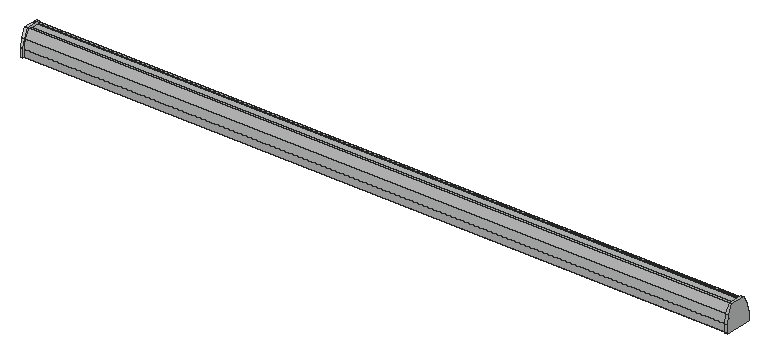
Revit family "LIRA", category Осветительные приборы, Revit 2019 (continued)
Types (6, lengths in mm): name | built-in parameter 1150134 | built-in parameter 1150105 | Lumens | built-in parameter 1150106 | built-in parameter 1150142 | Wattage | built-in parameter 1150107 | Emit from Rectangle Length | Длина | ADSK_Ток | ADSK_Полная мощность | ADSK_Обозначение | ADSK_Номинальная мощность | ADSK_Наименование | ADSK_Масса | ADSK_Код изделия
  LIRA-76/OPAL-2400/IP65  (4000К, серый) | 12 | 620.7 (stored number, unit not read) | 7800 lm | 6.207 (stored number, unit not read) | "IESNA:LM-63-95\r\n[TEST] Протокол № 50\r\n[DATA] 17.06.2016\r\n[MORE] \r\n[MANUFAC] ЗАО \"Центрстройсвет\"\r\n[LUMCAT]  Светильник OPERLUX-34/PRISMA-(588x588) \r\n[LUMINAIRE]\r\n[LAMPCAT] Светодиоды\r\n[LAMP] Поток источника света (светодиодов) не известен\r\n[MORE] КСС приведена в абсолютных величинах кд\r\n[MORE] Вместо потока лампы, указан поток светильника.\r\nTILT=NONE\r\n1    3050 1.0 37 73 1 2 0.588 0.588 0.08\r\n1.0 1.0 34\r\n0.0 5.0 10.0 15.0 20.0 25.0 30.0 35.0 40.0 45.0 50.0 55.0 60.0 65.0 70.0 75.0 80.0 85.0 90.0 95.0 100.0 105.0 110.0 115.0 120.0 125.0 130.0 135.0 140.0 145.0 150.0 155.0 160.0 165.0 170.0 175.0 180.0\r\n0.0 5.0 10.0 15.0 20.0 25.0 30.0 35.0 40.0 45.0 50.0 55.0 60.0 65.0 70.0 75.0 80.0 85.0 90.0 95.0 100.0 105.0 110.0 115.0 120.0 125.0 130.0 135.0 140.0 145.0 150.0 155.0 160.0 165.0 170.0 175.0 180.0 185.0 190.0 195.0 200.0 205.0 210.0 215.0 220.0 225.0 230.0 235.0 240.0 245.0 250.0 255.0 260.0 265.0 270.0 275.0 280.0 285.0 290.0 295.0 300.0 305.0 310.0 315.0 320.0 325.0 330.0 335.0 340.0 345.0 350.0 355.0 360.0\r\n1367.8 1364.1 1339.9 1310.7 1251.0 1171.4 1077.9 956.5 826.9 709.2 591.4 468.7 352.2 267.2 190.7 130.0 88.6 43.5 5.5 0.0 0.0 0.0 0.0 0.0 0.0 0.0 0.0 0.0 0.0 0.0 0.0 0.0 0.0 0.0 0.0 0.0 0.0\r\n1367.8 1365.7 1344.6 1309.2 1251.5 1175.2 1073.4 954.2 830.4 711.2 594.6 469.5 356.0 268.7 191.9 132.6 89.9 43.9 6.3 0.0 0.0 0.0 0.0 0.0 0.0 0.0 0.0 0.0 0.0 0.0 0.0 0.0 0.0 0.0 0.0 0.0 0.0\r\n1367.8 1367.4 1347.2 1302.8 1251.5 1178.6 1078.4 958.6 835.1 714.0 597.2 474.3 359.6 268.7 192.7 135.6 92.1 44.3 6.9 0.0 0.0 0.0 0.0 0.0 0.0 0.0 0.0 0.0 0.0 0.0 0.0 0.0 0.0 0.0 0.0 0.0 0.0\r\n1367.8 1368.2 1346.2 1303.1 1250.1 1177.1 1081.4 960.9 838.1 716.2 597.6 475.0 358.6 266.4 190.9 134.8 91.7 44.9 7.0 0.0 0.0 0.0 0.0 0.0 0.0 0.0 0.0 0.0 0.0 0.0 0.0 0.0 0.0 0.0 0.0 0.0 0.0\r\n1367.8 1367.7 1343.5 1306.2 1256.1 1180.0 1081.0 961.6 838.1 714.0 595.7 473.1 356.8 262.2 188.3 132.8 89.3 43.7 6.6 0.0 0.0 0.0 0.0 0.0 0.0 0.0 0.0 0.0 0.0 0.0 0.0 0.0 0.0 0.0 0.0 0.0 0.0\r\n1367.8 1366.2 1344.8 1309.0 1256.2 1184.6 1080.4 962.6 836.8 714.8 593.8 469.6 354.4 260.1 184.9 130.4 88.4 44.2 6.5 0.0 0.0 0.0 0.0 0.0 0.0 0.0 0.0 0.0 0.0 0.0 0.0 0.0 0.0 0.0 0.0 0.0 0.0\r\n1367.8 1364.3 1347.6 1312.1 1259.9 1177.4 1078.5 968.2 849.1 721.6 596.0 467.2 355.0 257.4 183.3 127.1 87.5 45.4 6.5 0.0 0.0 0.0 0.0 0.0 0.0 0.0 0.0 0.0 0.0 0.0 0.0 0.0 0.0 0.0 0.0 0.0 0.0\r\n1367.8 1363.3 1348.8 1312.0 1262.8 1181.2 1077.4 968.8 853.2 730.0 597.2 466.8 353.5 256.9 181.1 124.8 87.2 45.9 6.9 0.0 0.0 0.0 0.0 0.0 0.0 0.0 0.0 0.0 0.0 0.0 0.0 0.0 0.0 0.0 0.0 0.0 0.0\r\n1367.8 1364.0 1350.3 1308.2 1255.9 1182.2 1079.9 969.0 856.0 734.3 601.1 468.4 352.6 254.4 178.0 121.7 85.5 45.0 6.9 0.0 0.0 0.0 0.0 0.0 0.0 0.0 0.0 0.0 0.0 0.0 0.0 0.0 0.0 0.0 0.0 0.0 0.0\r\n1367.8 1364.9 1349.2 1313.0 1259.2 1178.2 1076.4 970.7 860.9 740.8 606.9 469.1 350.2 254.0 175.6 117.8 83.6 43.4 6.7 0.0 0.0 0.0 0.0 0.0 0.0 0.0 0.0 0.0 0.0 0.0 0.0 0.0 0.0 0.0 0.0 0.0 0.0\r\n1367.8 1365.0 1348.6 1315.3 1261.5 1184.1 1082.6 973.9 862.8 745.2 607.9 469.0 350.5 253.1 173.2 116.2 81.4 42.4 6.5 0.0 0.0 0.0 0.0 0.0 0.0 0.0 0.0 0.0 0.0 0.0 0.0 0.0 0.0 0.0 0.0 0.0 0.0\r\n1367.8 1364.4 1347.9 1315.3 1258.7 1186.3 1085.9 970.5 862.2 747.0 613.0 468.8 350.2 252.8 173.4 116.6 79.8 40.9 6.7 0.0 0.0 0.0 0.0 0.0 0.0 0.0 0.0 0.0 0.0 0.0 0.0 0.0 0.0 0.0 0.0 0.0 0.0\r\n1367.8 1363.4 1347.0 1308.3 1258.6 1184.3 1089.8 973.9 867.7 742.3 606.2 467.0 350.0 252.6 175.4 119.1 79.8 42.1 7.1 0.0 0.0 0.0 0.0 0.0 0.0 0.0 0.0 0.0 0.0 0.0 0.0 0.0 0.0 0.0 0.0 0.0 0.0\r\n1367.8 1362.6 1348.4 1308.2 1261.4 1190.2 1088.3 978.6 869.6 744.0 601.1 462.4 350.2 253.6 175.9 123.0 83.5 45.3 7.8 0.0 0.0 0.0 0.0 0.0 0.0 0.0 0.0 0.0 0.0 0.0 0.0 0.0 0.0 0.0 0.0 0.0 0.0\r\n1367.8 1362.3 1347.3 1311.1 1262.3 1191.1 1093.6 982.5 872.1 746.6 597.2 461.1 348.8 251.4 176.3 127.6 89.2 48.5 7.9 0.0 0.0 0.0 0.0 0.0 0.0 0.0 0.0 0.0 0.0 0.0 0.0 0.0 0.0 0.0 0.0 0.0 0.0\r\n1367.8 1362.5 1345.8 1316.1 1260.6 1190.3 1096.8 982.6 873.3 743.8 593.1 456.4 347.2 250.6 175.7 130.9 94.2 51.8 9.3 0.0 0.0 0.0 0.0 0.0 0.0 0.0 0.0 0.0 0.0 0.0 0.0 0.0 0.0 0.0 0.0 0.0 0.0\r\n1367.8 1363.2 1345.2 1315.5 1267.1 1195.5 1096.1 995.9 871.3 740.3 589.0 455.0 342.8 246.9 174.2 131.9 97.1 52.4 10.1 0.0 0.0 0.0 0.0 0.0 0.0 0.0 0.0 0.0 0.0 0.0 0.0 0.0 0.0 0.0 0.0 0.0 0.0\r\n1367.8 1364.5 1346.0 1317.2 1264.0 1194.7 1102.6 991.8 873.9 736.2 584.7 454.3 338.6 243.0 171.3 130.1 99.3 53.7 9.5 0.0 0.0 0.0 0.0 0.0 0.0 0.0 0.0 0.0 0.0 0.0 0.0 0.0 0.0 0.0 0.0 0.0 0.0\r\n1367.8 1365.9 1346.4 1317.1 1264.0 1198.2 1105.3 994.6 872.6 727.7 582.0 451.8 335.8 239.9 168.3 127.6 100.0 55.8 7.5 0.0 0.0 0.0 0.0 0.0 0.0 0.0 0.0 0.0 0.0 0.0 0.0 0.0 0.0 0.0 0.0 0.0 0.0\r\n1367.8 1366.3 1344.9 1317.5 1265.6 1200.4 1108.2 997.2 868.8 722.7 575.8 446.5 333.1 238.4 167.7 126.3 98.1 56.1 8.8 0.0 0.0 0.0 0.0 0.0 0.0 0.0 0.0 0.0 0.0 0.0 0.0 0.0 0.0 0.0 0.0 0.0 0.0\r\n1367.8 1365.9 1344.0 1313.0 1263.2 1200.6 1104.3 997.0 862.7 720.9 568.5 441.0 331.7 237.8 167.7 126.3 96.7 53.7 9.4 0.0 0.0 0.0 0.0 0.0 0.0 0.0 0.0 0.0 0.0 0.0 0.0 0.0 0.0 0.0 0.0 0.0 0.0\r\n1367.8 1365.3 1346.1 1312.6 1263.0 1198.3 1108.1 995.3 861.6 712.7 563.4 437.4 331.4 236.8 165.9 124.7 95.3 55.2 9.1 0.0 0.0 0.0 0.0 0.0 0.0 0.0 0.0 0.0 0.0 0.0 0.0 0.0 0.0 0.0 0.0 0.0 0.0\r\n1367.8 1364.9 1349.2 1313.0 1262.9 1199.0 1108.3 993.8 855.7 710.3 563.1 435.2 329.9 233.9 163.4 121.6 92.0 55.1 8.8 0.0 0.0 0.0 0.0 0.0 0.0 0.0 0.0 0.0 0.0 0.0 0.0 0.0 0.0 0.0 0.0 0.0 0.0\r\n1367.8 1364.1 1352.0 1313.2 1259.2 1197.0 1104.6 988.6 849.9 704.2 562.4 433.5 327.9 230.5 158.4 116.9 87.6 51.4 7.8 0.0 0.0 0.0 0.0 0.0 0.0 0.0 0.0 0.0 0.0 0.0 0.0 0.0 0.0 0.0 0.0 0.0 0.0\r\n1367.8 1363.0 1349.6 1313.3 1257.8 1193.2 1098.7 980.1 848.0 708.1 565.6 433.4 325.1 228.0 154.2 111.3 83.7 49.7 7.5 0.0 0.0 0.0 0.0 0.0 0.0 0.0 0.0 0.0 0.0 0.0 0.0 0.0 0.0 0.0 0.0 0.0 0.0\r\n1367.8 1361.9 1346.7 1314.1 1256.8 1193.2 1093.6 977.6 847.2 708.6 569.1 434.8 324.5 225.9 151.7 107.5 81.6 48.9 7.3 0.0 0.0 0.0 0.0 0.0 0.0 0.0 0.0 0.0 0.0 0.0 0.0 0.0 0.0 0.0 0.0 0.0 0.0\r\n1367.8 1361.2 1345.0 1309.5 1261.1 1193.3 1089.9 973.2 851.1 709.3 572.7 435.0 323.4 225.4 152.1 105.8 80.4 49.9 7.3 0.0 0.0 0.0 0.0 0.0 0.0 0.0 0.0 0.0 0.0 0.0 0.0 0.0 0.0 0.0 0.0 0.0 0.0\r\n1367.8 1360.5 1345.3 1307.2 1258.6 1186.4 1085.9 974.0 847.9 714.1 575.5 436.8 321.2 223.3 152.0 105.2 79.8 49.6 8.0 0.0 0.0 0.0 0.0 0.0 0.0 0.0 0.0 0.0 0.0 0.0 0.0 0.0 0.0 0.0 0.0 0.0 0.0\r\n1367.8 1360.0 1344.3 1308.1 1257.8 1178.2 1085.3 975.1 848.7 715.2 575.4 439.1 318.7 223.0 150.8 104.3 79.3 49.5 8.2 0.0 0.0 0.0 0.0 0.0 0.0 0.0 0.0 0.0 0.0 0.0 0.0 0.0 0.0 0.0 0.0 0.0 0.0\r\n1367.8 1360.5 1346.2 1311.6 1256.3 1174.7 1082.9 978.6 851.4 710.5 574.9 440.6 317.9 221.6 152.3 106.4 79.3 48.7 8.4 0.0 0.0 0.0 0.0 0.0 0.0 0.0 0.0 0.0 0.0 0.0 0.0 0.0 0.0 0.0 0.0 0.0 0.0\r\n1367.8 1361.9 1350.3 1309.3 1252.2 1172.6 1080.3 970.8 851.2 713.3 570.6 439.7 319.0 222.4 154.5 110.7 81.7 47.4 8.1 0.0 0.0 0.0 0.0 0.0 0.0 0.0 0.0 0.0 0.0 0.0 0.0 0.0 0.0 0.0 0.0 0.0 0.0\r\n1367.8 1363.7 1348.0 1307.6 1253.5 1171.4 1087.1 971.6 851.9 710.7 569.9 438.2 323.8 226.5 159.3 115.4 83.3 45.0 7.6 0.0 0.0 0.0 0.0 0.0 0.0 0.0 0.0 0.0 0.0 0.0 0.0 0.0 0.0 0.0 0.0 0.0 0.0\r\n1367.8 1365.3 1346.4 1312.3 1251.8 1172.7 1086.5 974.6 847.7 705.0 567.7 442.4 326.6 234.0 164.3 120.1 85.8 43.9 7.4 0.0 0.0 0.0 0.0 0.0 0.0 0.0 0.0 0.0 0.0 0.0 0.0 0.0 0.0 0.0 0.0 0.0 0.0\r\n1367.8 1366.2 1347.0 1309.1 1250.4 1170.7 1085.2 978.5 846.6 705.8 567.4 441.3 331.1 236.3 167.7 122.8 88.4 45.0 8.1 0.0 0.0 0.0 0.0 0.0 0.0 0.0 0.0 0.0 0.0 0.0 0.0 0.0 0.0 0.0 0.0 0.0 0.0\r\n1367.8 1366.0 1347.9 1306.2 1240.5 1166.7 1082.2 977.2 844.2 702.8 566.8 442.7 335.1 241.3 169.7 123.7 90.0 45.9 9.2 0.0 0.0 0.0 0.0 0.0 0.0 0.0 0.0 0.0 0.0 0.0 0.0 0.0 0.0 0.0 0.0 0.0 0.0\r\n1367.8 1364.3 1346.5 1311.7 1250.6 1170.3 1080.9 980.5 844.4 703.8 569.8 446.4 334.2 240.3 169.5 121.7 87.9 46.9 9.3 0.0 0.0 0.0 0.0 0.0 0.0 0.0 0.0 0.0 0.0 0.0 0.0 0.0 0.0 0.0 0.0 0.0 0.0\r\n1367.8 1361.6 1341.0 1307.3 1249.6 1169.2 1088.8 980.5 845.1 706.2 571.7 444.8 333.0 238.4 168.9 120.7 87.1 47.8 7.8 0.0 0.0 0.0 0.0 0.0 0.0 0.0 0.0 0.0 0.0 0.0 0.0 0.0 0.0 0.0 0.0 0.0 0.0\r\n1367.8 1359.4 1337.2 1303.3 1252.4 1170.4 1080.4 978.1 841.4 701.4 566.4 444.4 333.5 241.2 169.4 122.2 88.2 47.2 9.5 0.0 0.0 0.0 0.0 0.0 0.0 0.0 0.0 0.0 0.0 0.0 0.0 0.0 0.0 0.0 0.0 0.0 0.0\r\n1367.8 1359.3 1342.6 1310.3 1242.7 1173.0 1078.8 976.3 844.8 702.0 565.3 440.7 332.8 240.9 169.9 123.5 89.5 46.1 9.1 0.0 0.0 0.0 0.0 0.0 0.0 0.0 0.0 0.0 0.0 0.0 0.0 0.0 0.0 0.0 0.0 0.0 0.0\r\n1367.8 1361.3 1345.4 1306.4 1248.2 1167.7 1080.4 980.5 846.8 703.5 567.2 443.4 333.2 240.2 168.7 123.1 88.4 46.2 8.4 0.0 0.0 0.0 0.0 0.0 0.0 0.0 0.0 0.0 0.0 0.0 0.0 0.0 0.0 0.0 0.0 0.0 0.0\r\n1367.8 1364.4 1343.1 1308.2 1251.3 1170.9 1084.2 980.8 848.5 707.7 571.1 445.6 332.7 238.1 167.5 120.7 85.6 44.6 7.7 0.0 0.0 0.0 0.0 0.0 0.0 0.0 0.0 0.0 0.0 0.0 0.0 0.0 0.0 0.0 0.0 0.0 0.0\r\n1367.8 1366.7 1342.9 1310.2 1254.3 1176.8 1087.8 981.7 853.4 711.9 574.2 446.0 329.4 232.8 162.6 116.6 83.7 45.3 8.1 0.0 0.0 0.0 0.0 0.0 0.0 0.0 0.0 0.0 0.0 0.0 0.0 0.0 0.0 0.0 0.0 0.0 0.0\r\n1367.8 1367.7 1346.5 1310.6 1258.1 1183.1 1085.5 978.6 854.1 714.2 577.9 448.7 327.1 229.4 158.3 112.1 82.0 47.9 9.0 0.0 0.0 0.0 0.0 0.0 0.0 0.0 0.0 0.0 0.0 0.0 0.0 0.0 0.0 0.0 0.0 0.0 0.0\r\n1367.8 1367.3 1348.0 1310.6 1262.6 1180.1 1086.5 982.6 856.7 719.8 579.9 448.7 324.7 226.8 155.7 107.8 80.3 50.1 9.5 0.0 0.0 0.0 0.0 0.0 0.0 0.0 0.0 0.0 0.0 0.0 0.0 0.0 0.0 0.0 0.0 0.0 0.0\r\n1367.8 1365.6 1348.6 1309.9 1259.0 1186.0 1089.0 979.4 855.0 722.2 584.2 450.5 325.6 227.6 155.8 107.2 80.5 51.4 9.6 0.0 0.0 0.0 0.0 0.0 0.0 0.0 0.0 0.0 0.0 0.0 0.0 0.0 0.0 0.0 0.0 0.0 0.0\r\n1367.8 1363.3 1347.7 1306.8 1261.1 1190.7 1095.5 982.3 860.8 723.2 585.7 446.3 327.8 230.3 158.2 109.3 81.7 51.4 9.3 0.0 0.0 0.0 0.0 0.0 0.0 0.0 0.0 0.0 0.0 0.0 0.0 0.0 0.0 0.0 0.0 0.0 0.0\r\n1367.8 1361.0 1344.4 1306.7 1264.4 1191.7 1095.0 984.8 858.7 723.1 583.6 444.8 328.4 232.3 158.6 109.9 81.8 51.7 9.0 0.0 0.0 0.0 0.0 0.0 0.0 0.0 0.0 0.0 0.0 0.0 0.0 0.0 0.0 0.0 0.0 0.0 0.0\r\n1367.8 1359.1 1344.3 1308.4 1263.8 1198.1 1102.2 989.8 861.5 721.8 582.8 444.8 331.3 233.7 158.6 111.1 83.0 50.9 8.9 0.0 0.0 0.0 0.0 0.0 0.0 0.0 0.0 0.0 0.0 0.0 0.0 0.0 0.0 0.0 0.0 0.0 0.0\r\n1367.8 1357.8 1346.5 1313.8 1263.6 1192.7 1107.0 996.3 859.5 718.8 579.1 442.9 332.1 234.9 160.7 114.1 84.6 51.0 9.2 0.0 0.0 0.0 0.0 0.0 0.0 0.0 0.0 0.0 0.0 0.0 0.0 0.0 0.0 0.0 0.0 0.0 0.0\r\n1367.8 1357.7 1347.3 1313.2 1264.3 1198.9 1108.1 998.6 864.9 718.7 573.2 441.1 332.1 237.8 164.0 118.2 87.5 52.0 9.8 0.0 0.0 0.0 0.0 0.0 0.0 0.0 0.0 0.0 0.0 0.0 0.0 0.0 0.0 0.0 0.0 0.0 0.0\r\n1367.8 1358.5 1346.9 1313.1 1266.5 1195.6 1112.2 1002.8 870.4 722.5 574.7 443.8 335.7 239.1 166.4 121.6 91.2 55.8 10.9 0.0 0.0 0.0 0.0 0.0 0.0 0.0 0.0 0.0 0.0 0.0 0.0 0.0 0.0 0.0 0.0 0.0 0.0\r\n1367.8 1359.8 1344.7 1312.9 1269.5 1203.1 1107.5 1002.6 874.5 724.4 574.3 444.8 335.5 240.3 169.6 124.4 94.2 56.9 11.6 0.0 0.0 0.0 0.0 0.0 0.0 0.0 0.0 0.0 0.0 0.0 0.0 0.0 0.0 0.0 0.0 0.0 0.0\r\n1367.8 1361.7 1344.5 1316.7 1266.1 1199.3 1111.1 1004.7 879.7 733.6 577.6 446.7 337.8 241.2 168.7 126.0 96.3 56.5 11.7 0.0 0.0 0.0 0.0 0.0 0.0 0.0 0.0 0.0 0.0 0.0 0.0 0.0 0.0 0.0 0.0 0.0 0.0\r\n1367.8 1363.9 1346.7 1316.2 1265.7 1198.1 1117.1 1006.7 882.1 737.2 586.5 450.4 338.9 242.3 167.8 125.5 98.6 58.1 10.5 0.0 0.0 0.0 0.0 0.0 0.0 0.0 0.0 0.0 0.0 0.0 0.0 0.0 0.0 0.0 0.0 0.0 0.0\r\n1367.8 1365.2 1345.4 1319.5 1265.7 1198.8 1109.1 1003.5 876.9 742.6 589.1 456.4 341.1 242.1 167.5 126.8 100.2 57.9 8.8 0.0 0.0 0.0 0.0 0.0 0.0 0.0 0.0 0.0 0.0 0.0 0.0 0.0 0.0 0.0 0.0 0.0 0.0\r\n1367.8 1365.0 1345.2 1312.9 1265.8 1199.0 1109.7 999.6 877.6 742.6 595.8 457.7 342.1 245.3 170.4 128.5 99.0 56.9 11.0 0.0 0.0 0.0 0.0 0.0 0.0 0.0 0.0 0.0 0.0 0.0 0.0 0.0 0.0 0.0 0.0 0.0 0.0\r\n1367.8 1364.1 1347.9 1311.6 1271.1 1195.3 1102.7 998.9 881.1 745.5 597.2 460.9 345.1 248.6 174.0 129.7 96.5 55.6 11.2 0.0 0.0 0.0 0.0 0.0 0.0 0.0 0.0 0.0 0.0 0.0 0.0 0.0 0.0 0.0 0.0 0.0 0.0\r\n1367.8 1363.0 1347.3 1314.0 1269.6 1192.3 1104.9 991.5 878.3 748.8 603.5 463.3 348.1 251.3 177.2 130.4 94.2 55.0 10.3 0.0 0.0 0.0 0.0 0.0 0.0 0.0 0.0 0.0 0.0 0.0 0.0 0.0 0.0 0.0 0.0 0.0 0.0\r\n1367.8 1362.4 1346.2 1314.7 1264.3 1194.7 1094.8 992.0 878.4 749.1 608.2 465.6 349.4 252.9 177.2 127.6 90.1 51.7 8.7 0.0 0.0 0.0 0.0 0.0 0.0 0.0 0.0 0.0 0.0 0.0 0.0 0.0 0.0 0.0 0.0 0.0 0.0\r\n1367.8 1362.7 1348.0 1314.5 1265.5 1196.6 1094.9 983.4 872.0 752.6 609.3 469.0 352.6 254.1 177.1 125.0 85.8 47.2 8.1 0.0 0.0 0.0 0.0 0.0 0.0 0.0 0.0 0.0 0.0 0.0 0.0 0.0 0.0 0.0 0.0 0.0 0.0\r\n1367.8 1362.9 1347.6 1317.1 1264.6 1191.1 1090.4 981.6 868.8 748.7 612.1 472.2 352.0 253.6 176.2 121.4 83.1 43.4 6.9 0.0 0.0 0.0 0.0 0.0 0.0 0.0 0.0 0.0 0.0 0.0 0.0 0.0 0.0 0.0 0.0 0.0 0.0\r\n1367.8 1362.5 1343.6 1318.7 1268.8 1192.3 1085.5 974.5 866.1 750.5 612.3 472.0 350.7 253.1 174.7 119.5 83.2 43.3 6.3 0.0 0.0 0.0 0.0 0.0 0.0 0.0 0.0 0.0 0.0 0.0 0.0 0.0 0.0 0.0 0.0 0.0 0.0\r\n1367.8 1362.1 1341.3 1317.3 1267.8 1185.0 1082.2 972.1 864.2 747.6 611.4 473.0 350.1 254.2 174.7 118.9 84.4 45.4 6.1 0.0 0.0 0.0 0.0 0.0 0.0 0.0 0.0 0.0 0.0 0.0 0.0 0.0 0.0 0.0 0.0 0.0 0.0\r\n1367.8 1362.2 1343.6 1308.9 1260.0 1189.4 1084.9 971.7 859.6 740.4 606.9 470.8 351.4 253.9 176.6 120.3 86.5 45.9 6.5 0.0 0.0 0.0 0.0 0.0 0.0 0.0 0.0 0.0 0.0 0.0 0.0 0.0 0.0 0.0 0.0 0.0 0.0\r\n1367.8 1363.0 1342.9 1314.5 1263.9 1184.9 1081.6 971.9 853.4 735.2 605.3 467.7 352.3 254.8 180.1 122.7 87.8 46.6 6.8 0.0 0.0 0.0 0.0 0.0 0.0 0.0 0.0 0.0 0.0 0.0 0.0 0.0 0.0 0.0 0.0 0.0 0.0\r\n1367.8 1364.3 1340.2 1313.1 1261.0 1182.5 1084.4 971.4 852.3 730.7 600.0 466.2 354.3 255.8 181.2 124.6 88.4 46.8 6.6 0.0 0.0 0.0 0.0 0.0 0.0 0.0 0.0 0.0 0.0 0.0 0.0 0.0 0.0 0.0 0.0 0.0 0.0\r\n1367.8 1365.9 1343.5 1308.2 1258.3 1181.3 1083.1 966.4 845.6 721.0 594.9 467.0 352.2 259.1 183.4 126.7 88.1 45.4 6.1 0.0 0.0 0.0 0.0 0.0 0.0 0.0 0.0 0.0 0.0 0.0 0.0 0.0 0.0 0.0 0.0 0.0 0.0\r\n1367.8 1366.3 1345.1 1308.7 1254.7 1177.8 1080.9 969.9 838.6 714.9 593.4 465.7 351.7 258.6 185.5 129.6 88.1 44.0 5.9 0.0 0.0 0.0 0.0 0.0 0.0 0.0 0.0 0.0 0.0 0.0 0.0 0.0 0.0 0.0 0.0 0.0 0.0\r\n1367.8 1364.5 1343.2 1306.3 1248.4 1177.3 1082.4 962.7 833.3 713.0 595.0 468.9 352.8 260.9 187.3 132.3 88.7 43.5 6.0 0.0 0.0 0.0 0.0 0.0 0.0 0.0 0.0 0.0 0.0 0.0 0.0 0.0 0.0 0.0 0.0 0.0 0.0\r\n1367.8 1362.4 1346.0 1305.7 1255.8 1170.9 1078.4 956.8 832.7 709.6 592.6 470.6 355.6 263.8 189.2 133.7 90.3 44.0 6.3 0.0 0.0 0.0 0.0 0.0 0.0 0.0 0.0 0.0 0.0 0.0 0.0 0.0 0.0 0.0 0.0 0.0 0.0\r\n1367.8 1362.0 1346.8 1311.0 1252.6 1177.3 1074.5 958.3 825.6 709.7 591.0 467.7 356.3 264.6 188.4 133.0 90.3 43.3 6.2 0.0 0.0 0.0 0.0 0.0 0.0 0.0 0.0 0.0 0.0 0.0 0.0 0.0 0.0 0.0 0.0 0.0 0.0\r\n1367.8 1363.0 1341.5 1311.3 1242.3 1175.5 1082.4 953.9 818.8 707.4 591.0 466.6 352.5 265.4 188.6 130.9 89.0 43.1 6.3 0.0 0.0 0.0 0.0 0.0 0.0 0.0 0.0 0.0 0.0 0.0 0.0 0.0 0.0 0.0 0.0 0.0 0.0\r\n1367.8 1364.1 1339.9 1310.7 1251.0 1171.4 1077.9 956.5 826.9 709.2 591.4 468.7 352.2 267.2 190.7 130.0 88.6 43.5 5.5 0.0 0.0 0.0 0.0 0.0 0.0 0.0 0.0 0.0 0.0 0.0 0.0 0.0 0.0 0.0 0.0 0.0 0.0\r\n" | 52.5104 W | 4000 (stored number, unit not read) | 2400 | 2420 | 0.359168 A | 82.6087 VA | "LIRA-76/OPAL-2400/IP65  (4000К, серый)" | 76 W | "Светодиодный пылевлагозащищенный светильник LIRA-76/OPAL-2400/IP65  (4000К, серый)" | 5.5 | "ЦБ000009485"
